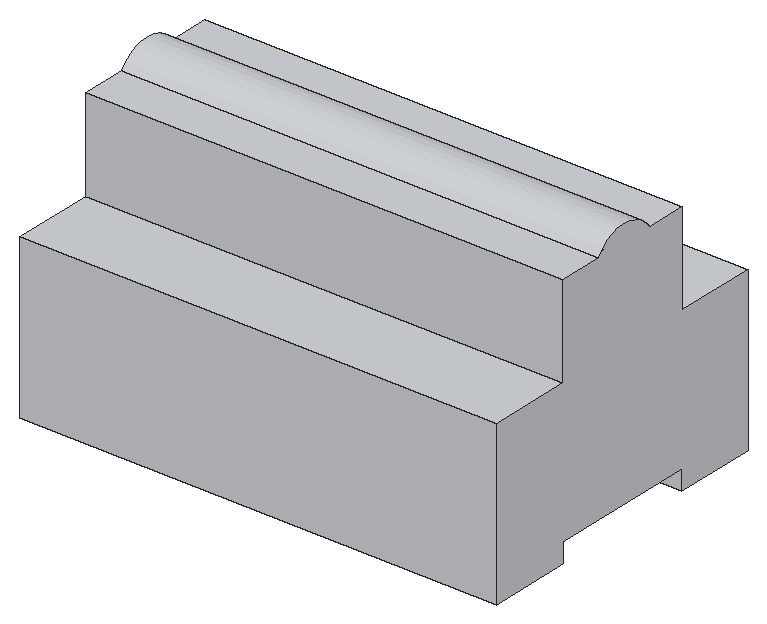
Revit family "Power-ModularDevices-GEWISS-90AM-SPD_TYPE1+2_3PN_25kA", category Apparecchi elettrici, host Superficie, Revit 2016
Family settings
  Host = Superficie
  Mantenere orientamento annotazione = Sì
  Tipo di parte = Normale
  Quota connettore circolare = Usa diametro
  Numero OmniClass = 23.80.50.00
  Titolo OmniClass = Terminals for Power Supply
  Taglio con vuoti quando caricato = No
  Condiviso = No
  Punto di calcolo locali = Sì
Parameters (values of type "GWD6405 - LST - SPD 3P+N 25KA AUX. T1+2")
  potenza in watt = 0 V
  carico = Altro
  Version file RFA = "18.0"
  URL = "https://www.gewiss.com/ww/en"
  Type: = "1+2"
  Type = "1+2"
  Technical sheet = "https://www.gewiss.com/ww/en/search?q=GWD6405"
  Spostamento_x = -340 mm
  SEO = "Limiter"
  Realized by GEWISS S.p.A. = ""
  Rated voltage AC = "400V"
  Rated voltage = "400Vac"
  Default Elevation = 1219.2 mm
  Produttore = "GEWISS S.p.A."
  Numero di poli = 1
  Spost_x_eff [instance] = 4000 mm + Spostamento_x  # 3660 mm
  Number of poles = "3P+N"
  No. of poles = "3P+N"
  No. of modules EN 50022 = "8"
  No. Chorus modules = "8"
  Modello = "GWD6405"
  Maximum discharge current: = "100KA"
  Impulse current: = "25KA"
  Immagine tipo = GWD6405.jpg
  IFC.TypeObject = ""
  IFC.ExportType = ""
  IFC.ExportAs = ""
  IDT = "b5414c84-6559-4024-a472-9de7a5b4bf69"
  IDF = "78306e60-c510-4d4e-87aa-e9c79700585e"
  Electrocod = "0641"
  EAN code = "8011564774834"
  Descrizione = "LST - SPD 3P+N 25KA AUX. T1+2"
  Catalogue Range = "90 AM"
  Catalogue = "POWER"
  COBie.Tagnumber = ""
  COBie.CreatedOn = ""
  COBie.CreatebBy = ""
  COBie.ComponentRegisterItemID = ""
  COBie.Component.TagNumber = ""
  COBie.Component.Space = ""
  COBie.Component.SerialNumber = ""
  COBie.Component.InstallationDate = ""
  COBie.Component.Description = ""
  COBie.Component.BarCode = ""
  Barra_DIN [instance] = 0 mm
  Aux end-of-life contact = "Yes"
Types (2, lengths in mm): name | URL | Produttore | Descrizione
  (no name) | 0 | "GEWISS" | "LST - SCARICATORE 3P+N 25kA AUS. T1+2"
  GWD6405 - LST - SPD 3P+N 25KA AUX. T1+2 | "https://www.gewiss.com/ww/en" | "GEWISS S.p.A." | "LST - SPD 3P+N 25KA AUX. T1+2"
Values of the unnamed type that differ from the named types
  Version file RFA = ""
  Type: = ""
  Type = ""
  Technical sheet = ""
  SEO = ""
  Rated voltage AC = ""
  Rated voltage = ""
  Number of poles = ""
  No. of poles = ""
  No. of modules EN 50022 = ""
  No. Chorus modules = ""
  Maximum discharge current: = ""
  Impulse current: = ""
  IDT = ""
  IDF = ""
  Electrocod = ""
  EAN code = ""
  Catalogue Range = ""
  Catalogue = ""
  Aux end-of-life contact = ""
Reference planes
  plane 1 "Centro (Fronte/Retro)": y = 0
  plane 2: z = 0
  plane 3 "Centro (Sinistra/Destra)": x = 0
  plane 4: z = 0
Dimensions and locks
  "Barra_DIN": host face to plane 4
  aligned and locked: plane 2 to host face
  aligned and locked: level to host face
  aligned and locked: plane 3 "Centro (Sinistra/Destra)" to nested 1
  aligned and locked: plane 1 "Centro (Fronte/Retro)" to nested 1
Automatic sketch dimensions
  host sketch curve to host sketch curve = 6519.2 mm
  host sketch curve to host sketch curve = 4328.142 mm
Nested families
  nested 1: "GENERICO - 90AM SCARICATORI LST TIPO 1+2 3P+N 25KA" at (0, 0, 7), type "GENERICO - 90AM SCARICATORI LST TIPO 1+2 3P+N 25KA"
  nested 2: "Famiglia3" at (0, 64.256, 0), type "Famiglia3"
Connectors
  electrical at (0, 47.5, 25.5)
    settings: on nested 1, index 1, voltage 400 V, apparent load 0 VA, apparent load phase1 0 VA, apparent load phase2 0 VA, apparent load phase3 0 VA, power factor 1, load classification "Altro", number of poles 1, system type 31, power factor state 1, is connector primary yes, connector utility no, sub classification motor no, connector description ""
Definition of nested family "GENERICO - 90AM SCARICATORI LST TIPO 1+2 3P+N 25KA"
  Parameters (values of type "GENERICO - 90AM SCARICATORI LST TIPO 1+2 3P+N 25KA")
    h_barra din = if(Altezza barre = 1 mm, 69.9 mm, if(Altezza barre = 2 mm, 115.8 mm, 0 mm))  # 0 mm
    Default Elevation = 1219.2 mm
    H = if(AB_O = 1, AB_V, if(AB_O = 2, AB_H, 50.8 mm))  # 50.8 mm
    Dist barra din = 0 mm  # constant formula
    C1 = 49 mm  # constant formula
    C = 76 mm  # constant formula
    B = 95 mm  # constant formula
    Altezza barre = 5 mm  # constant formula
    AB_V = 3 mm  # constant formula
    AB_H = 5 mm  # constant formula
    AB_O = 0  # constant formula
    A = 144 mm  # constant formula
  Reference planes
    plane 1 "Centro (Fronte/Retro)": y = 0
    plane 2: z = 0
    plane 3 "Centro (Sinistra/Destra)": x = 0
    plane 4: y = -47.5
    plane 5: y = 47.5
    plane 6: z = 0
    plane 7: z = -6
    plane 8 "top": z = 76
    plane 9 "incasso": z = 43
    plane 10: y = -22.5
    plane 11: y = 22.5
    plane 12: x = -72
    plane 13: x = 72
    plane 14: through (4267.2, -42.5, 9) normal (0, -0.1901, 0.9818)
    plane 15 "POSIZIONE": z = 71
    plane 16: y = 10.353
    plane 17: y = -8.889
  Forms (mm)
    Extrusion 1, solid
      sketch origin (0, 0, 0) x (0, 1, 0) y (0, 0, 1)
        loop
          line (-22.5, 0) -> (22.5, 0) -> (22.5, -6) -> (47.5, -6) -> (47.5, 43) -> (22.5, 43) -> (22.5, 71) -> (10.353, 71)
          arc (10.353, 71) -> (0.732, 76.023) -> (-8.889, 71) r 11.726
          line (-8.889, 71) -> (-22.5, 71) -> (-22.5, 43) -> (-47.5, 43) -> (-47.5, -6) -> (-22.5, -6) -> (-22.5, 0)
      from -72 to 72
  Lines and regions (mm)
    symbolic lines
      curve 1: line (0, 0, 15) -> (0, 0, -6)
      curve 2: line (0, -22.5, 0) -> (0, 22.5, 0)
    model lines, detail levels fine
      curve 3: line (-68.385, -19.935, 71) -> (-68.385, -21.516, 71)
      curve 4: line (-68.385, -21.516, 71) -> (-68.914, -21.516, 71)
      curve 5: line (-68.914, -21.516, 71) -> (-69.221, -21.478, 71)
      curve 6: line (-69.221, -21.478, 71) -> (-69.597, -21.311, 71)
      curve 7: line (-69.597, -21.311, 71) -> (-69.896, -21.034, 71)
      curve 8: line (-69.896, -21.034, 71) -> (-70.094, -20.661, 71)
      curve 9: line (-70.094, -20.661, 71) -> (-70.155, -20.263, 71)
      curve 10: line (-70.155, -20.263, 71) -> (-70.095, -19.897, 71)
      curve 11: line (-70.095, -19.897, 71) -> (-69.937, -19.573, 71)
      curve 12: line (-69.937, -19.573, 71) -> (-69.652, -19.278, 71)
      curve 13: line (-69.652, -19.278, 71) -> (-69.307, -19.099, 71)
      curve 14: line (-69.307, -19.099, 71) -> (-68.92, -19.035, 71)
      curve 15: line (-68.92, -19.035, 71) -> (-68.385, -19.035, 71)
      curve 16: line (-68.385, -19.035, 71) -> (-68.385, -19.717, 71)
      curve 17: line (-68.385, -19.717, 71) -> (-69.284, -19.717, 71)
      curve 18: line (-69.284, -19.717, 71) -> (-69.284, -20.835, 71)
      curve 19: line (-69.284, -20.835, 71) -> (-69.065, -20.835, 71)
      curve 20: line (-69.065, -20.835, 71) -> (-69.065, -19.935, 71)
      curve 21: line (-69.065, -19.935, 71) -> (-68.385, -19.935, 71)
      curve 22: line (-66.244, -21.516, 71) -> (-68.166, -21.516, 71)
      curve 23: line (-68.166, -21.516, 71) -> (-68.166, -19.035, 71)
      curve 24: line (-68.166, -19.035, 71) -> (-67.144, -19.035, 71)
      curve 25: line (-67.144, -19.035, 71) -> (-67.144, -19.717, 71)
      curve 26: line (-67.144, -19.717, 71) -> (-67.485, -19.717, 71)
      curve 27: line (-67.485, -19.717, 71) -> (-67.485, -19.935, 71)
      curve 28: line (-67.485, -19.935, 71) -> (-66.245, -19.935, 71)
      curve 29: line (-66.245, -19.935, 71) -> (-66.245, -20.617, 71)
      curve 30: line (-66.245, -20.617, 71) -> (-67.485, -20.617, 71)
      curve 31: line (-67.485, -20.617, 71) -> (-67.485, -20.835, 71)
      curve 32: line (-67.485, -20.835, 71) -> (-66.244, -20.835, 71)
      curve 33: line (-66.244, -20.835, 71) -> (-66.244, -21.516, 71)
      curve 34: line (-62.768, -21.516, 71) -> (-62.768, -19.935, 71)
      curve 35: line (-62.768, -19.935, 71) -> (-63.45, -19.935, 71)
      curve 36: line (-63.45, -19.935, 71) -> (-63.45, -21.516, 71)
      curve 37: line (-63.45, -21.516, 71) -> (-62.768, -21.516, 71)
      curve 38: line (-65.052, -21.516, 71) -> (-64.847, -20.494, 71)
      curve 39: line (-64.847, -20.494, 71) -> (-64.643, -21.516, 71)
      curve 40: line (-64.643, -21.516, 71) -> (-63.961, -21.516, 71)
      curve 41: line (-63.961, -21.516, 71) -> (-63.539, -19.717, 71)
      curve 42: line (-63.539, -19.717, 71) -> (-62.768, -19.717, 71)
      curve 43: line (-62.768, -19.717, 71) -> (-62.768, -19.035, 71)
      curve 44: line (-62.768, -19.035, 71) -> (-64.077, -19.035, 71)
      curve 45: line (-64.077, -19.035, 71) -> (-64.322, -20.085, 71)
      curve 46: line (-64.322, -20.085, 71) -> (-64.493, -19.035, 71)
      curve 47: line (-64.493, -19.035, 71) -> (-65.202, -19.035, 71)
      curve 48: line (-65.202, -19.035, 71) -> (-65.372, -20.085, 71)
      curve 49: line (-65.372, -20.085, 71) -> (-65.617, -19.035, 71)
      curve 50: line (-65.617, -19.035, 71) -> (-66.926, -19.035, 71)
      curve 51: line (-66.926, -19.035, 71) -> (-66.926, -19.717, 71)
      curve 52: line (-66.926, -19.717, 71) -> (-66.156, -19.717, 71)
      curve 53: line (-66.156, -19.717, 71) -> (-65.734, -21.516, 71)
      curve 54: line (-65.734, -21.516, 71) -> (-65.052, -21.516, 71)
      curve 55: line (-60.628, -19.035, 71) -> (-62.55, -19.035, 71)
      curve 56: line (-62.55, -19.035, 71) -> (-62.55, -20.616, 71)
      curve 57: line (-62.55, -20.616, 71) -> (-61.31, -20.616, 71)
      curve 58: line (-61.31, -20.616, 71) -> (-61.31, -20.835, 71)
      curve 59: line (-61.31, -20.835, 71) -> (-62.55, -20.835, 71)
      curve 60: line (-62.55, -20.835, 71) -> (-62.55, -21.516, 71)
      curve 61: line (-62.55, -21.516, 71) -> (-60.628, -21.516, 71)
      curve 62: line (-60.628, -21.516, 71) -> (-60.628, -19.935, 71)
      curve 63: line (-60.628, -19.935, 71) -> (-61.869, -19.935, 71)
      curve 64: line (-61.869, -19.935, 71) -> (-61.869, -19.717, 71)
      curve 65: line (-61.869, -19.717, 71) -> (-60.628, -19.717, 71)
      curve 66: line (-60.628, -19.717, 71) -> (-60.628, -19.035, 71)
      curve 67: line (-60.41, -19.035, 71) -> (-60.41, -20.616, 71)
      curve 68: line (-60.41, -20.616, 71) -> (-59.253, -20.616, 71)
      curve 69: line (-59.253, -20.616, 71) -> (-59.253, -20.835, 71)
      curve 70: line (-59.253, -20.835, 71) -> (-60.41, -20.835, 71)
      curve 71: line (-60.41, -20.835, 71) -> (-60.41, -21.516, 71)
      curve 72: line (-60.41, -21.516, 71) -> (-59.729, -21.516, 71)
      curve 73: line (-59.729, -21.516, 71) -> (-59.335, -21.39, 71)
      curve 74: line (-59.335, -21.39, 71) -> (-59.081, -21.224, 71)
      curve 75: line (-59.081, -21.224, 71) -> (-58.79, -20.867, 71)
      curve 76: line (-58.79, -20.867, 71) -> (-58.655, -20.467, 71)
      curve 77: line (-58.655, -20.467, 71) -> (-58.651, -20.112, 71)
      curve 78: line (-58.651, -20.112, 71) -> (-58.688, -19.935, 71)
      curve 79: line (-58.688, -19.935, 71) -> (-59.729, -19.935, 71)
      curve 80: line (-59.729, -19.935, 71) -> (-59.729, -19.717, 71)
      curve 81: line (-59.729, -19.717, 71) -> (-58.781, -19.717, 71)
      curve 82: line (-58.781, -19.717, 71) -> (-58.904, -19.511, 71)
      curve 83: line (-58.904, -19.511, 71) -> (-59.081, -19.327, 71)
      curve 84: line (-59.081, -19.327, 71) -> (-59.328, -19.165, 71)
      curve 85: line (-59.328, -19.165, 71) -> (-59.585, -19.071, 71)
      curve 86: line (-59.585, -19.071, 71) -> (-59.875, -19.035, 71)
      curve 87: line (-59.875, -19.035, 71) -> (-60.41, -19.035, 71)
    model lines, detail levels medium+fine
      curve 88: line (-3.48, 14.244, 71) -> (-3.48, 18.617, 71)
      curve 89: line (-3.48, 18.617, 71) -> (-13.664, 18.617, 71)
      curve 90: line (-13.664, 18.617, 71) -> (-13.664, 14.244, 71)
      curve 91: line (-13.664, 14.244, 71) -> (-3.48, 14.244, 71)
      curve 92: line (14.52, 14.244, 71) -> (14.52, 18.617, 71)
      curve 93: line (14.52, 18.617, 71) -> (4.336, 18.617, 71)
      curve 94: line (4.336, 18.617, 71) -> (4.336, 14.244, 71)
      curve 95: line (4.336, 14.244, 71) -> (14.52, 14.244, 71)
      curve 96: line (-21.48, 14.244, 71) -> (-21.48, 18.617, 71)
      curve 97: line (-21.48, 18.617, 71) -> (-31.664, 18.617, 71)
      curve 98: line (-31.664, 18.617, 71) -> (-31.664, 14.244, 71)
      curve 99: line (-31.664, 14.244, 71) -> (-21.48, 14.244, 71)
      curve 100: line (50.52, 14.244, 71) -> (50.52, 18.617, 71)
      curve 101: line (50.52, 18.617, 71) -> (40.336, 18.617, 71)
      curve 102: line (40.336, 18.617, 71) -> (40.336, 14.244, 71)
      curve 103: line (40.336, 14.244, 71) -> (50.52, 14.244, 71)
      curve 104: line (68.52, 14.244, 71) -> (68.52, 18.617, 71)
      curve 105: line (68.52, 18.617, 71) -> (58.336, 18.617, 71)
      curve 106: line (58.336, 18.617, 71) -> (58.336, 14.244, 71)
      curve 107: line (58.336, 14.244, 71) -> (68.52, 14.244, 71)
      curve 108: line (32.52, 14.244, 71) -> (32.52, 18.617, 71)
      curve 109: line (32.52, 18.617, 71) -> (22.336, 18.617, 71)
      curve 110: line (22.336, 18.617, 71) -> (22.336, 14.244, 71)
      curve 111: line (22.336, 14.244, 71) -> (32.52, 14.244, 71)
    model lines
      curve 112: line (-54, 10.353, 71) -> (-54, 22.5, 71)
      curve 113: line (-36, 10.353, 71) -> (-36, 22.5, 71)
      curve 114: line (-18, 10.353, 71) -> (-18, 22.5, 71)
      curve 115: line (0, 10.353, 71) -> (0, 22.5, 71)
      curve 116: line (18, 10.353, 71) -> (18, 22.5, 71)
      curve 117: line (54, 10.353, 71) -> (54, 22.5, 71)
      curve 118: line (36, 22.5, 71) -> (36, 10.353, 71)
      curve 119: line (-54, -22.5, 71) -> (-54, -8.889, 71)
      curve 120: line (-36, -22.5, 71) -> (-36, -8.889, 71)
      curve 121: line (-18, -22.5, 71) -> (-18, -8.889, 71)
      curve 122: line (0, -22.5, 71) -> (0, -8.889, 71)
      curve 123: line (18, -22.5, 71) -> (18, -8.889, 71)
      curve 124: line (54, -22.5, 71) -> (54, -8.889, 71)
      curve 125: line (36, -8.889, 71) -> (36, -22.5, 71)
      curve 126: line (-72, 42.581, 43) -> (72, 42.581, 43)
      curve 127: line (-64.421, 41.299, 43) -> (-66.198, 40.784, 43)
      curve 128: line (-66.198, 40.784, 43) -> (-67.364, 39.52, 43)
      curve 129: line (-67.364, 39.52, 43) -> (-67.745, 37.975, 43)
      curve 130: line (-67.745, 37.975, 43) -> (-67.341, 36.388, 43)
      curve 131: line (-67.341, 36.388, 43) -> (-66.161, 35.142, 43)
      curve 132: line (-66.161, 35.142, 43) -> (-64.421, 34.651, 43)
      curve 133: line (-64.421, 34.651, 43) -> (-62.629, 35.175, 43)
      curve 134: line (-62.629, 35.175, 43) -> (-61.493, 36.401, 43)
      curve 135: line (-61.493, 36.401, 43) -> (-61.097, 37.975, 43)
      curve 136: line (-61.097, 37.975, 43) -> (-61.474, 39.513, 43)
      curve 137: line (-61.474, 39.513, 43) -> (-62.734, 40.839, 43)
      curve 138: line (-62.734, 40.839, 43) -> (-64.421, 41.299, 43)
      curve 139: line (-46.421, 41.299, 43) -> (-48.198, 40.784, 43)
      curve 140: line (-48.198, 40.784, 43) -> (-49.364, 39.52, 43)
      curve 141: line (-49.364, 39.52, 43) -> (-49.745, 37.975, 43)
      curve 142: line (-49.745, 37.975, 43) -> (-49.341, 36.388, 43)
      curve 143: line (-49.341, 36.388, 43) -> (-48.161, 35.142, 43)
      curve 144: line (-48.161, 35.142, 43) -> (-46.421, 34.651, 43)
      curve 145: line (-46.421, 34.651, 43) -> (-44.629, 35.175, 43)
      curve 146: line (-44.629, 35.175, 43) -> (-43.493, 36.401, 43)
      curve 147: line (-43.493, 36.401, 43) -> (-43.097, 37.975, 43)
      curve 148: line (-43.097, 37.975, 43) -> (-43.474, 39.513, 43)
      curve 149: line (-43.474, 39.513, 43) -> (-44.734, 40.839, 43)
      curve 150: line (-44.734, 40.839, 43) -> (-46.421, 41.299, 43)
      curve 151: line (-28.421, 41.299, 43) -> (-30.198, 40.784, 43)
      curve 152: line (-30.198, 40.784, 43) -> (-31.364, 39.52, 43)
      curve 153: line (-31.364, 39.52, 43) -> (-31.745, 37.975, 43)
      curve 154: line (-31.745, 37.975, 43) -> (-31.341, 36.388, 43)
      curve 155: line (-31.341, 36.388, 43) -> (-30.161, 35.142, 43)
      curve 156: line (-30.161, 35.142, 43) -> (-28.421, 34.651, 43)
      curve 157: line (-28.421, 34.651, 43) -> (-26.629, 35.175, 43)
      curve 158: line (-26.629, 35.175, 43) -> (-25.493, 36.401, 43)
      curve 159: line (-25.493, 36.401, 43) -> (-25.097, 37.975, 43)
      curve 160: line (-25.097, 37.975, 43) -> (-25.474, 39.513, 43)
      curve 161: line (-25.474, 39.513, 43) -> (-26.734, 40.839, 43)
      curve 162: line (-26.734, 40.839, 43) -> (-28.421, 41.299, 43)
      curve 163: line (-10.421, 41.299, 43) -> (-12.198, 40.784, 43)
      curve 164: line (-12.198, 40.784, 43) -> (-13.364, 39.52, 43)
      curve 165: line (-13.364, 39.52, 43) -> (-13.745, 37.975, 43)
      curve 166: line (-13.745, 37.975, 43) -> (-13.341, 36.388, 43)
      curve 167: line (-13.341, 36.388, 43) -> (-12.161, 35.142, 43)
      curve 168: line (-12.161, 35.142, 43) -> (-10.421, 34.651, 43)
      curve 169: line (-10.421, 34.651, 43) -> (-8.629, 35.175, 43)
      curve 170: line (-8.629, 35.175, 43) -> (-7.493, 36.401, 43)
      curve 171: line (-7.493, 36.401, 43) -> (-7.097, 37.975, 43)
      curve 172: line (-7.097, 37.975, 43) -> (-7.474, 39.513, 43)
      curve 173: line (-7.474, 39.513, 43) -> (-8.734, 40.839, 43)
      curve 174: line (-8.734, 40.839, 43) -> (-10.421, 41.299, 43)
      curve 175: line (7.579, 41.299, 43) -> (5.802, 40.784, 43)
      curve 176: line (5.802, 40.784, 43) -> (4.636, 39.52, 43)
      curve 177: line (4.636, 39.52, 43) -> (4.255, 37.975, 43)
      curve 178: line (4.255, 37.975, 43) -> (4.659, 36.388, 43)
      curve 179: line (4.659, 36.388, 43) -> (5.839, 35.142, 43)
      curve 180: line (5.839, 35.142, 43) -> (7.579, 34.651, 43)
      curve 181: line (7.579, 34.651, 43) -> (9.371, 35.175, 43)
      curve 182: line (9.371, 35.175, 43) -> (10.507, 36.401, 43)
      curve 183: line (10.507, 36.401, 43) -> (10.903, 37.975, 43)
      curve 184: line (10.903, 37.975, 43) -> (10.526, 39.513, 43)
      curve 185: line (10.526, 39.513, 43) -> (9.266, 40.839, 43)
      curve 186: line (9.266, 40.839, 43) -> (7.579, 41.299, 43)
      curve 187: line (25.579, 41.299, 43) -> (23.802, 40.784, 43)
      curve 188: line (23.802, 40.784, 43) -> (22.636, 39.52, 43)
      curve 189: line (22.636, 39.52, 43) -> (22.255, 37.975, 43)
      curve 190: line (22.255, 37.975, 43) -> (22.659, 36.388, 43)
      curve 191: line (22.659, 36.388, 43) -> (23.839, 35.142, 43)
      curve 192: line (23.839, 35.142, 43) -> (25.579, 34.651, 43)
      curve 193: line (25.579, 34.651, 43) -> (27.371, 35.175, 43)
      curve 194: line (27.371, 35.175, 43) -> (28.507, 36.401, 43)
      curve 195: line (28.507, 36.401, 43) -> (28.903, 37.975, 43)
      curve 196: line (28.903, 37.975, 43) -> (28.526, 39.513, 43)
      curve 197: line (28.526, 39.513, 43) -> (27.266, 40.839, 43)
      curve 198: line (27.266, 40.839, 43) -> (25.579, 41.299, 43)
      curve 199: line (43.579, 41.299, 43) -> (41.802, 40.784, 43)
      curve 200: line (41.802, 40.784, 43) -> (40.636, 39.52, 43)
      curve 201: line (40.636, 39.52, 43) -> (40.255, 37.975, 43)
      curve 202: line (40.255, 37.975, 43) -> (40.659, 36.388, 43)
      curve 203: line (40.659, 36.388, 43) -> (41.839, 35.142, 43)
      curve 204: line (41.839, 35.142, 43) -> (43.579, 34.651, 43)
      curve 205: line (43.579, 34.651, 43) -> (45.371, 35.175, 43)
      curve 206: line (45.371, 35.175, 43) -> (46.507, 36.401, 43)
      curve 207: line (46.507, 36.401, 43) -> (46.903, 37.975, 43)
      curve 208: line (46.903, 37.975, 43) -> (46.526, 39.513, 43)
      curve 209: line (46.526, 39.513, 43) -> (45.266, 40.839, 43)
      curve 210: line (45.266, 40.839, 43) -> (43.579, 41.299, 43)
      curve 211: line (61.579, 41.299, 43) -> (59.802, 40.784, 43)
      curve 212: line (59.802, 40.784, 43) -> (58.636, 39.52, 43)
      curve 213: line (58.636, 39.52, 43) -> (58.255, 37.975, 43)
      curve 214: line (58.255, 37.975, 43) -> (58.659, 36.388, 43)
      curve 215: line (58.659, 36.388, 43) -> (59.839, 35.142, 43)
      curve 216: line (59.839, 35.142, 43) -> (61.579, 34.651, 43)
      curve 217: line (61.579, 34.651, 43) -> (63.371, 35.175, 43)
      curve 218: line (63.371, 35.175, 43) -> (64.507, 36.401, 43)
      curve 219: line (64.507, 36.401, 43) -> (64.903, 37.975, 43)
      curve 220: line (64.903, 37.975, 43) -> (64.526, 39.513, 43)
      curve 221: line (64.526, 39.513, 43) -> (63.266, 40.839, 43)
      curve 222: line (63.266, 40.839, 43) -> (61.579, 41.299, 43)
      curve 223: line (-54, 22.507, 43) -> (-54, 47.504, 43)
      curve 224: line (-36, 22.507, 43) -> (-36, 47.504, 43)
      curve 225: line (-18, 22.507, 43) -> (-18, 47.504, 43)
      curve 226: line (0, 22.507, 43) -> (0, 47.504, 43)
      curve 227: line (18, 22.507, 43) -> (18, 47.504, 43)
      curve 228: line (54, 22.507, 43) -> (54, 47.504, 43)
      curve 229: line (36, 47.504, 43) -> (36, 22.507, 43)
  Text (mm)
    text "AB_V" at (0, 50.868, 44.72), in view "Destra"
    text "AB_O" at (0, -80.659, 111.963), in view "Destra"
  Dimensions and locks
    equal spacing: plane 4, plane 1 "Centro (Fronte/Retro)", plane 5
    "B": plane 4 to plane 5
    "Dist barra din": plane 6 to level
    locked: plane 6 to plane 7 at 6
    "C": plane 8 "top" to plane 6
    equal spacing: plane 10, plane 1 "Centro (Fronte/Retro)", plane 11
    plane 10 to plane 11 = 45 mm
    equal spacing: plane 12, plane 3 "Centro (Sinistra/Destra)", plane 13
    "A": plane 12 to plane 13
    "C1": plane 9 "incasso" to plane 7
    locked: plane 15 "POSIZIONE" to plane 9 "incasso" at 28
    angle level to plane 14 = 10.9557°
    angle plane 4 to plane 8 "top" = 90.00°
    aligned and locked: level to plane 2
    aligned and locked: Extrusion 1 sketch curve to plane 6
    aligned and locked: Extrusion 1 sketch curve to plane 7
    aligned and locked: Extrusion 1 sketch curve to plane 4
    aligned and locked: Extrusion 1 sketch curve to plane 9 "incasso"  (x2)
    aligned and locked: Extrusion 1 sketch curve to plane 11  (x2)
    aligned and locked: Extrusion 1 sketch curve to plane 5
    aligned and locked: Extrusion 1 sketch curve to plane 10  (x2)
    aligned and locked: plane 1 "Centro (Fronte/Retro)" to curve 1
    aligned and locked: Extrusion 1 to plane 6
    aligned and locked: Extrusion 1 to plane 12
    aligned and locked: plane 13 to Extrusion 1
    aligned and locked: plane 15 "POSIZIONE" to Extrusion 1 sketch curve
    aligned and locked: Extrusion 1 sketch curve to plane 15 "POSIZIONE"
    aligned and locked: plane 17 to Extrusion 1 sketch curve
    aligned and locked: plane 16 to Extrusion 1 sketch curve
  Automatic sketch dimensions
    Extrusion 1 sketch curve to plane 7 = 0 mm
    plane 15 "POSIZIONE" to Extrusion 1 sketch curve = 6.703 mm
    curve 2 to level = 0 mm
    curve 2 to plane 10 = 0 mm
    curve 2 to plane 11 = 0 mm
    curve 1 to plane 7 = 0 mm
    level to curve 1 = 15 mm
    curve 112 to plane 11 = 0 mm
    curve 119 to plane 17 = 0 mm
    curve 119 to plane 10 = 0 mm
    curve 112 to plane 16 = 0 mm
    curve 113 to plane 11 = 0 mm
    plane 16 to curve 113 = 0 mm
    curve 120 to plane 10 = 0 mm
    plane 17 to curve 120 = 0 mm
    curve 121 to plane 10 = 0 mm
    curve 114 to plane 11 = 0 mm
    plane 17 to curve 121 = 0 mm
    plane 16 to curve 114 = 0 mm
    curve 115 to plane 3 "Centro (Sinistra/Destra)" = 0 mm
    curve 122 to plane 3 "Centro (Sinistra/Destra)" = 0 mm
    plane 16 to curve 116 = 0 mm
    curve 123 to plane 10 = 0 mm
    curve 116 to plane 11 = 0 mm
    plane 17 to curve 123 = 0 mm
    plane 16 to curve 118 = 0 mm
    curve 118 to plane 11 = 0 mm
    curve 125 to plane 10 = 0 mm
    plane 17 to curve 125 = 0 mm
    curve 124 to plane 10 = 0 mm
    plane 17 to curve 124 = 0 mm
    plane 16 to curve 117 = 0 mm
    curve 117 to plane 11 = 0 mm
    curve 122 to plane 10 = 0 mm
    plane 17 to curve 122 = 0 mm
    plane 16 to curve 115 = 0 mm
    curve 115 to plane 11 = 0 mm
    curve 88 to plane 3 "Centro (Sinistra/Destra)" = 3.48 mm
    curve 96 to plane 16 = 3.89 mm
    curve 96 to curve 90 = 7.816 mm
    plane 10 to curve 78 = 2.388 mm
    plane 12 to curve 78 = 13.349 mm
    plane 10 to curve 76 = 2.033 mm
    curve 76 to curve 77 = 0.004 mm
    curve 79 to curve 77 = 0.037 mm
    plane 10 to curve 82 = 2.783 mm
    curve 82 to curve 78 = 0.093 mm
    plane 10 to curve 76 = 1.633 mm
    curve 76 to curve 76 = 0.135 mm
    plane 10 to curve 82 = 2.989 mm
    curve 82 to curve 81 = 0.123 mm
    plane 10 to curve 74 = 1.276 mm
    curve 74 to curve 75 = 0.291 mm
    plane 10 to curve 83 = 3.173 mm
    curve 83 to curve 82 = 0.177 mm
    curve 69 to curve 75 = 0.463 mm
    plane 10 to curve 85 = 3.335 mm
    curve 85 to curve 83 = 0.247 mm
    plane 10 to curve 73 = 1.11 mm
    curve 73 to curve 74 = 0.254 mm
    plane 10 to curve 85 = 3.429 mm
    curve 85 to curve 84 = 0.258 mm
    curve 79 to curve 68 = 0.475 mm
    plane 10 to curve 73 = 0.984 mm
    curve 73 to curve 73 = 0.394 mm
    plane 10 to curve 86 = 3.465 mm
    curve 86 to curve 85 = 0.29 mm
    curve 70 to curve 72 = 0.682 mm
    curve 87 to curve 86 = 0.535 mm
    curve 66 to curve 67 = 0.218 mm
    curve 63 to curve 65 = 0 mm
    curve 58 to curve 70 = 0.9 mm
    curve 65 to curve 57 = 0.559 mm
    curve 59 to curve 63 = 0.682 mm
    curve 57 to curve 59 = 0 mm
    curve 34 to curve 60 = 0.218 mm
    curve 44 to curve 55 = 0.218 mm
    curve 36 to curve 34 = 0.682 mm
    plane 10 to curve 41 = 2.783 mm
    curve 41 to curve 35 = 0.089 mm
    plane 10 to curve 41 = 0.984 mm
    curve 41 to curve 36 = 0.511 mm
    curve 44 to curve 41 = 0.538 mm
    plane 10 to curve 46 = 2.415 mm
    curve 46 to curve 41 = 0.784 mm
    curve 47 to curve 44 = 0.416 mm
    curve 40 to curve 40 = 0.682 mm
    plane 10 to curve 39 = 2.006 mm
    curve 39 to curve 45 = 0.525 mm
    curve 54 to curve 39 = 0.409 mm
    curve 48 to curve 46 = 0.709 mm
    plane 10 to curve 48 = 2.415 mm
    curve 48 to curve 38 = 0.525 mm
    curve 49 to curve 47 = 0.416 mm
    plane 10 to curve 53 = 0.984 mm
    curve 53 to curve 38 = 0.682 mm
    curve 52 to curve 48 = 0.784 mm
    curve 33 to curve 53 = 0.51 mm
    curve 30 to curve 32 = 0 mm
    curve 52 to curve 28 = 0.681 mm
    curve 25 to curve 51 = 0.218 mm
    curve 32 to curve 25 = 0.341 mm
    curve 28 to curve 25 = 0.341 mm
    curve 24 to curve 26 = 0.681 mm
    curve 21 to curve 27 = 0.899 mm
    curve 16 to curve 3 = 0 mm
    curve 4 to curve 3 = 0.53 mm
    curve 14 to curve 15 = 0.535 mm
    curve 21 to curve 3 = 0.681 mm
    plane 10 to curve 6 = 1.022 mm
    curve 6 to curve 4 = 0.307 mm
    curve 18 to curve 19 = 0.219 mm
    curve 13 to curve 14 = 0.388 mm
    plane 10 to curve 7 = 1.189 mm
    curve 7 to curve 5 = 0.376 mm
    curve 12 to curve 13 = 0.345 mm
    curve 8 to curve 6 = 0.298 mm
    curve 11 to curve 12 = 0.285 mm
    curve 8 to curve 7 = 0.198 mm
    curve 11 to curve 11 = 0.159 mm
    curve 9 to curve 10 = 0.059 mm
    plane 3 "Centro (Sinistra/Destra)" to curve 94 = 4.336 mm
    curve 110 to plane 11 = 3.883 mm
    curve 92 to curve 110 = 7.816 mm
    curve 102 to plane 16 = 3.89 mm
    curve 108 to curve 102 = 7.816 mm
    curve 107 to plane 16 = 3.89 mm
    curve 100 to curve 107 = 7.816 mm
    plane 10 to curve 37 = 0.984 mm
    curve 33 to curve 53 = 0 mm
    curve 34 to curve 60 = 0 mm
    curve 22 to curve 4 = 0 mm
    curve 6 to curve 7 = 0.277 mm
    curve 5 to curve 20 = 0.643 mm
    curve 60 to curve 59 = 0.682 mm
    curve 71 to curve 70 = 0.682 mm
    curve 22 to curve 31 = 0.682 mm
    curve 7 to curve 9 = 0.373 mm
    curve 32 to curve 30 = 0.218 mm
    curve 59 to curve 57 = 0.218 mm
    curve 69 to curve 69 = 0.218 mm
    curve 8 to curve 9 = 0.398 mm
    curve 19 to curve 21 = 0.9 mm
    curve 35 to curve 41 = 0.218 mm
    curve 57 to curve 64 = 0.682 mm
    curve 80 to curve 80 = 0.218 mm
    curve 29 to curve 28 = 0.682 mm
    curve 9 to curve 11 = 0.367 mm
    curve 28 to curve 53 = 0.218 mm
    curve 20 to curve 18 = 0.218 mm
    curve 63 to curve 64 = 0.218 mm
    curve 51 to curve 26 = 0 mm
    curve 10 to curve 11 = 0.323 mm
    curve 11 to curve 12 = 0.295 mm
    curve 12 to curve 13 = 0.179 mm
    curve 66 to curve 67 = 0 mm
    curve 13 to curve 14 = 0.064 mm
    curve 51 to curve 51 = 0.682 mm
    curve 49 to curve 48 = 0 mm
    curve 25 to curve 50 = 0 mm
    curve 46 to curve 45 = 0 mm
    curve 92 to plane 16 = 3.89 mm
    curve 91 to plane 16 = 3.89 mm
    curve 111 to plane 16 = 3.89 mm
    curve 96 to curve 114 = 3.48 mm
    curve 121 to curve 122 = 18 mm
    curve 120 to curve 121 = 18 mm
    curve 113 to curve 98 = 4.336 mm
    curve 112 to curve 113 = 18 mm
    curve 75 to curve 119 = 4.79 mm
    curve 92 to curve 116 = 3.48 mm
    plane 3 "Centro (Sinistra/Destra)" to curve 123 = 18 mm
    curve 108 to curve 118 = 3.48 mm
    curve 123 to curve 125 = 18 mm
    curve 124 to plane 13 = 18 mm
    curve 100 to curve 117 = 3.48 mm
    curve 226 to plane 3 "Centro (Sinistra/Destra)" = 0 mm
    curve 126 to plane 12 = 0 mm
    plane 11 to curve 193 = 12.151 mm
    plane 11 to curve 145 = 12.151 mm
    plane 11 to curve 204 = 12.151 mm
    plane 11 to curve 216 = 12.151 mm
    plane 11 to curve 156 = 12.151 mm
    plane 11 to curve 168 = 12.151 mm
    plane 11 to curve 133 = 12.151 mm
    plane 11 to curve 180 = 12.151 mm
    plane 3 "Centro (Sinistra/Destra)" to curve 180 = 5.839 mm
    curve 180 to curve 180 = 0.492 mm
    plane 12 to curve 131 = 5.839 mm
    curve 131 to curve 132 = 0.492 mm
    curve 215 to curve 216 = 0.492 mm
    curve 144 to curve 144 = 0.492 mm
    curve 155 to curve 156 = 0.492 mm
    curve 203 to curve 204 = 0.492 mm
    curve 168 to curve 168 = 0.492 mm
    curve 192 to curve 192 = 0.492 mm
    curve 133 to curve 132 = 0.524 mm
    curve 158 to curve 156 = 0.524 mm
    curve 217 to curve 216 = 0.524 mm
    curve 206 to curve 204 = 0.524 mm
    curve 193 to curve 192 = 0.524 mm
    curve 182 to curve 180 = 0.524 mm
    curve 169 to curve 168 = 0.524 mm
    curve 145 to curve 144 = 0.524 mm
    plane 3 "Centro (Sinistra/Destra)" to curve 178 = 4.659 mm
    curve 178 to curve 179 = 1.245 mm
    curve 142 to curve 143 = 1.245 mm
    curve 203 to curve 203 = 1.245 mm
    curve 191 to curve 191 = 1.245 mm
    curve 155 to curve 155 = 1.245 mm
    plane 12 to curve 131 = 4.659 mm
    curve 131 to curve 131 = 1.245 mm
    curve 167 to curve 167 = 1.245 mm
    curve 214 to curve 215 = 1.245 mm
    curve 218 to curve 217 = 1.226 mm
    curve 147 to curve 145 = 1.226 mm
    curve 159 to curve 157 = 1.226 mm
    curve 195 to curve 193 = 1.226 mm
    curve 182 to curve 181 = 1.226 mm
    curve 207 to curve 205 = 1.226 mm
    curve 171 to curve 169 = 1.226 mm
    curve 135 to curve 133 = 1.226 mm
    plane 3 "Centro (Sinistra/Destra)" to curve 177 = 4.255 mm
    curve 177 to curve 178 = 1.587 mm
    curve 214 to curve 214 = 1.587 mm
    curve 154 to curve 154 = 1.587 mm
    curve 159 to curve 158 = 1.574 mm
    curve 208 to curve 206 = 1.574 mm
    plane 12 to curve 129 = 4.255 mm
    curve 129 to curve 130 = 1.587 mm
    curve 165 to curve 166 = 1.587 mm
    curve 202 to curve 202 = 1.587 mm
    curve 148 to curve 146 = 1.574 mm
    curve 135 to curve 134 = 1.574 mm
    curve 196 to curve 194 = 1.574 mm
    curve 190 to curve 190 = 1.587 mm
    curve 141 to curve 142 = 1.587 mm
    curve 172 to curve 170 = 1.574 mm
    curve 219 to curve 218 = 1.574 mm
    curve 184 to curve 182 = 1.574 mm
    curve 172 to curve 171 = 1.539 mm
    curve 196 to curve 195 = 1.539 mm
    curve 184 to curve 183 = 1.539 mm
    curve 137 to curve 135 = 1.539 mm
    curve 220 to curve 219 = 1.539 mm
    curve 148 to curve 147 = 1.539 mm
    curve 208 to curve 207 = 1.539 mm
    curve 161 to curve 159 = 1.539 mm
    curve 188 to curve 189 = 1.545 mm
    curve 176 to curve 177 = 1.545 mm
    curve 153 to curve 153 = 1.545 mm
    curve 201 to curve 201 = 1.545 mm
    curve 129 to curve 129 = 1.545 mm
    curve 141 to curve 141 = 1.545 mm
    curve 212 to curve 213 = 1.545 mm
    curve 164 to curve 165 = 1.545 mm
    curve 127 to curve 128 = 1.264 mm
    curve 175 to curve 176 = 1.264 mm
    curve 139 to curve 140 = 1.264 mm
    curve 211 to curve 212 = 1.264 mm
    curve 164 to curve 164 = 1.264 mm
    curve 199 to curve 200 = 1.264 mm
    curve 151 to curve 152 = 1.264 mm
    curve 187 to curve 188 = 1.264 mm
    curve 186 to curve 184 = 1.326 mm
    curve 210 to curve 208 = 1.326 mm
    curve 174 to curve 172 = 1.326 mm
    curve 138 to curve 136 = 1.326 mm
    curve 197 to curve 196 = 1.326 mm
    curve 149 to curve 148 = 1.326 mm
    curve 162 to curve 160 = 1.326 mm
    curve 221 to curve 220 = 1.326 mm
    curve 199 to curve 209 = 0.46 mm
    curve 198 to curve 197 = 0.46 mm
    curve 138 to curve 137 = 0.46 mm
    curve 139 to curve 149 = 0.46 mm
    curve 186 to curve 185 = 0.46 mm
    curve 174 to curve 173 = 0.46 mm
    curve 211 to curve 221 = 0.46 mm
    curve 151 to curve 161 = 0.46 mm
    curve 129 to curve 128 = 0.381 mm
    curve 128 to curve 127 = 1.166 mm
    curve 127 to curve 127 = 1.777 mm
    curve 131 to curve 133 = 1.74 mm
    curve 127 to curve 138 = 1.687 mm
    curve 132 to curve 134 = 1.792 mm
    curve 133 to curve 134 = 1.136 mm
    curve 137 to curve 136 = 1.26 mm
    curve 136 to curve 136 = 0.378 mm
    curve 136 to curve 126 = 133.474 mm
    curve 142 to curve 126 = 121.745 mm
    curve 141 to curve 141 = 0.381 mm
    curve 141 to curve 143 = 0.403 mm
    curve 140 to curve 140 = 1.166 mm
    curve 142 to curve 144 = 1.181 mm
    curve 139 to curve 150 = 1.777 mm
    curve 143 to curve 144 = 1.74 mm
    curve 139 to curve 150 = 1.687 mm
    curve 144 to curve 145 = 1.792 mm
    curve 145 to curve 147 = 1.136 mm
    curve 149 to curve 149 = 1.26 mm
    curve 148 to curve 148 = 0.378 mm
    curve 153 to curve 152 = 0.381 mm
    curve 153 to curve 154 = 0.403 mm
    curve 152 to curve 152 = 1.166 mm
    curve 154 to curve 156 = 1.181 mm
    curve 155 to curve 157 = 1.74 mm
    curve 151 to curve 162 = 1.777 mm
    curve 151 to curve 162 = 1.687 mm
    curve 156 to curve 158 = 1.792 mm
    curve 157 to curve 159 = 1.136 mm
    curve 161 to curve 161 = 1.26 mm
    curve 160 to curve 159 = 0.378 mm
    curve 165 to curve 165 = 0.381 mm
    curve 165 to curve 166 = 0.403 mm
    curve 164 to curve 163 = 1.166 mm
    curve 166 to curve 167 = 1.181 mm
    curve 167 to curve 168 = 1.74 mm
    curve 163 to curve 163 = 1.777 mm
    curve 163 to curve 174 = 1.687 mm
    curve 168 to curve 170 = 1.792 mm
    curve 169 to curve 170 = 1.136 mm
    curve 173 to curve 172 = 1.26 mm
    curve 172 to curve 172 = 0.378 mm
    curve 177 to curve 177 = 0.381 mm
    curve 176 to curve 176 = 1.166 mm
    curve 179 to curve 180 = 1.74 mm
    curve 175 to curve 186 = 1.777 mm
    curve 175 to curve 185 = 1.687 mm
    curve 180 to curve 182 = 1.792 mm
    curve 181 to curve 182 = 1.136 mm
    curve 185 to curve 184 = 1.26 mm
    curve 184 to curve 184 = 0.378 mm
    curve 189 to curve 188 = 0.381 mm
    curve 189 to curve 191 = 0.403 mm
    curve 188 to curve 188 = 1.166 mm
    curve 190 to curve 191 = 1.181 mm
    curve 191 to curve 192 = 1.74 mm
    curve 187 to curve 198 = 1.777 mm
    curve 187 to curve 198 = 1.687 mm
    curve 192 to curve 194 = 1.792 mm
    curve 193 to curve 194 = 1.136 mm
    curve 197 to curve 196 = 1.26 mm
    curve 196 to curve 196 = 0.378 mm
    curve 201 to curve 200 = 0.381 mm
    curve 201 to curve 202 = 0.403 mm
    curve 200 to curve 200 = 1.166 mm
    curve 202 to curve 204 = 1.181 mm
    curve 203 to curve 204 = 1.74 mm
    curve 199 to curve 199 = 1.777 mm
    curve 199 to curve 209 = 1.687 mm
    curve 204 to curve 205 = 1.792 mm
    curve 205 to curve 206 = 1.136 mm
    curve 209 to curve 208 = 1.26 mm
    curve 208 to curve 208 = 0.378 mm
    curve 213 to curve 212 = 0.381 mm
    curve 213 to curve 214 = 0.403 mm
    curve 212 to curve 211 = 1.166 mm
    curve 214 to curve 215 = 1.181 mm
    curve 215 to curve 217 = 1.74 mm
    curve 211 to curve 211 = 1.777 mm
    curve 211 to curve 221 = 1.687 mm
    curve 216 to curve 218 = 1.792 mm
    curve 217 to curve 218 = 1.136 mm
    curve 221 to curve 221 = 1.26 mm
    curve 220 to curve 219 = 0.378 mm
    plane 11 to curve 228 = 0.007 mm
    plane 11 to curve 229 = 0.007 mm
    plane 11 to curve 227 = 0.007 mm
    plane 11 to curve 226 = 0.007 mm
    plane 11 to curve 225 = 0.007 mm
    plane 11 to curve 224 = 0.007 mm
    plane 11 to curve 223 = 0.007 mm
    plane 5 to curve 224 = 0.004 mm
    plane 5 to curve 229 = 0.004 mm
    plane 5 to curve 228 = 0.004 mm
    plane 5 to curve 227 = 0.004 mm
    plane 5 to curve 226 = 0.004 mm
    plane 5 to curve 225 = 0.004 mm
    plane 5 to curve 223 = 0.004 mm
    curve 223 to curve 126 = 126 mm
    curve 227 to curve 191 = 5.839 mm
    curve 228 to curve 215 = 5.839 mm
    curve 183 to curve 189 = 11.352 mm
    curve 195 to curve 202 = 11.352 mm
    curve 207 to curve 213 = 11.352 mm
    curve 229 to curve 199 = 5.802 mm
    curve 126 to plane 5 = 4.919 mm
    curve 147 to curve 153 = 11.352 mm
    curve 159 to curve 166 = 11.352 mm
    curve 224 to curve 155 = 5.839 mm
    curve 225 to curve 163 = 5.802 mm
    curve 97 to plane 11 = 3.883 mm
    curve 120 to curve 97 = 4.336 mm
    curve 97 to curve 97 = 10.184 mm
    curve 94 to curve 95 = 10.184 mm
    curve 110 to curve 111 = 10.184 mm
    curve 102 to curve 103 = 10.184 mm
    curve 105 to plane 13 = 3.48 mm
    curve 106 to plane 11 = 3.883 mm
    curve 92 to plane 11 = 3.883 mm
    curve 102 to plane 11 = 3.883 mm
    curve 88 to plane 11 = 3.883 mm
Definition of nested family "Famiglia3"
  Reference planes
    plane 1: y = 0
    plane 2: x = 0
  Lines and regions (mm)
    detail lines
      curve 1: line (0, 0, 0) -> (-0.001, 3.334, 0)
      curve 2: line (0.277, 3.334, 0) -> (-0.278, 3.334, 0)
      curve 3: line (-0.278, 3.334, 0) -> (-0.001, 4.223, 0)
      curve 4: line (-0.001, 4.223, 0) -> (0.277, 3.334, 0)
      curve 5: line (0.277, 3.334, 0) -> (-0.001, 4.223, 0)
      curve 6: line (-0.001, 4.223, 0) -> (-0.278, 3.334, 0)
      curve 7: line (-0.278, 3.334, 0) -> (0.277, 3.334, 0)
      curve 8: line (0.277, 3.334, 0) -> (-0.001, 4.223, 0)
      curve 9: line (-0.001, 4.223, 0) -> (-0.278, 3.334, 0)
      curve 10: line (-0.445, 4.612, 0) -> (0.444, 4.612, 0)
      curve 11: line (0.444, 4.612, 0) -> (0.444, 2.39, 0)
      curve 12: line (0.444, 2.39, 0) -> (-0.445, 2.389, 0)
      curve 13: line (-0.445, 2.389, 0) -> (-0.445, 4.612, 0)
